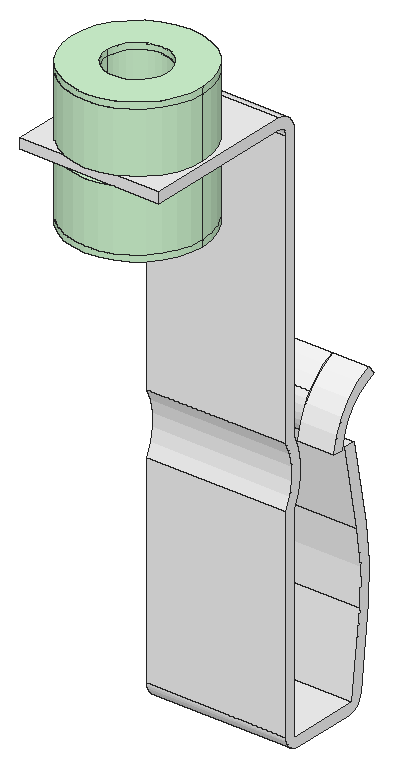
Revit family "KS防振ハンガー(直吊りタイプ)", category 機械設備, Revit 2020
Family settings
  丸型コネクタ寸法 = 直径を使用
  種別 = なし
  パーツ タイプ = 標準
  作業面ベース = いいえ
  常に垂直 = はい
  ロード時にボイドで切り取り = いいえ
  共有 = いいえ
  部屋計算ポイント = いいえ
Parameters
  製造元 = "株式会社桐井製作所"
  既定の高さ = 0 mm
  URL = "https://www.kirii.co.jp/"
  K_品名 = "KS防振ハンガー(直吊りタイプ)"
  K_名称 = "防振ハンガー"
  K_使用荷重(N) = "~98"
  K_バージョン情報 = "20211012"
Reference planes
  plane 1 "中心(正面/背面)": y = 0
  plane 2: z = 0
  plane 3 "中心(左/右)": x = 0
  plane 4: x = 11.5
  plane 5: x = -11.5
Forms (mm)
  Extrusion 1, solid
    sketch origin (0, -1.432, 0) x (0, 1, 0) y (0, 0, 1)
      loop
        line (-28, 93.32) -> (-28, 91.64) -> (-3.18, 91.64)
        arc (-3.18, 91.64) -> (-2.119, 91.201) -> (-1.68, 90.14) r 1.5
        line (-1.68, 90.14) -> (-1.68, 44.401)
        arc (-1.68, 44.401) -> (-0.36, 39.32) -> (-1.68, 34.239) r 10.438
        line (-1.68, 34.239) -> (-1.68, 0.82)
        arc (-1.68, 0.82) -> (-0.948, -0.948) -> (0.82, -1.68) r 2.5
        line (0.82, -1.68) -> (11.368, -1.68)
        arc (11.368, -1.68) -> (13.033, -1.045) -> (13.852, 0.537) r 2.5
        line (13.852, 0.537) -> (15.31, 13.345)
        arc (15.31, 13.345) -> (15.539, 19.366) -> (14.861, 25.354) r 40
        line (14.861, 25.354) -> (12.296, 38.822)
        arc (12.296, 38.822) -> (11.737, 40.973) -> (11.876, 43.192) r 7.037
        arc (11.876, 43.192) -> (13.962, 45.413) -> (16.585, 46.961) r 10.767
        line (16.585, 46.961) -> (15.5, 48.32)
        arc (15.5, 48.32) -> (12.972, 46.773) -> (10.882, 44.671) r 12.447
        arc (10.882, 44.671) -> (9.767, 41.624) -> (10.647, 38.5) r 5.275
        line (10.647, 38.5) -> (13.163, 25.29)
        arc (13.163, 25.29) -> (13.841, 19.303) -> (13.612, 13.281) r 40
        line (13.612, 13.281) -> (12.1, 0) -> (0.5, 0)
        arc (0.5, 0) -> (0.146, 0.146) -> (0, 0.5) r 0.5
        line (0, 0.5) -> (0, 33.82)
        arc (0, 33.82) -> (1.32, 39.32) -> (0, 44.82) r 12.118
        line (0, 44.82) -> (0, 90.32)
        arc (0, 90.32) -> (-0.879, 92.441) -> (-3, 93.32) r 3
        line (-3, 93.32) -> (-28, 93.32)
    from -11.5 to 11.5
  Extrusion 2, solid
    sketch origin (0, -1.432, 0) x (0, 1, 0) y (0, 0, 1)
      loop
        line (16.585, 46.961) -> (15.5, 48.32)
        arc (15.5, 48.32) -> (10.606, 44.304) -> (8.32, 38.4) r 12.447
        line (8.32, 38.4) -> (9.989, 38.212)
        arc (9.989, 38.212) -> (12.091, 43.488) -> (16.585, 46.961) r 10.767
    from -11.5 to 11.5
  Extrusion 3, void
    sketch origin (0, -1.432, 0) x (1, 0, 0) y (0, 1, 0)
      loop
        line (-11.5, 16.585) -> (-11.5, 7.685) -> (-5.5, 7.685) -> (-5.5, 16.585) -> (-11.5, 16.585)
      loop
        line (5.5, 17.012) -> (5.5, 7.685) -> (11.5, 7.685) -> (11.5, 17.012) -> (5.5, 17.012)
    from 38.5 to 49.8
  Extrusion 4, void
    sketch origin (0, -1.432, 0) x (1, 0, 0) y (0, 1, 0)
      loop
        line (-5.5, 17.016) -> (-5.5, 7.685) -> (5.5, 7.685) -> (5.5, 17.016) -> (-5.5, 17.016)
    from 37.944 to 48.771
  Extrusion 5, void
    sketch origin (0, 0, 0) x (1, 0, 0) y (0, 1, 0)
      loop
        circle (0, -19.432) r 5
    from 91.64 to 93.32
  Extrusion 6, solid
    sketch origin (0, 0, 0) x (1, 0, 0) y (0, 1, 0)
      loop
        circle (0, -19.432) r 5
      loop
        circle (0, -19.432) r 10.85
    from 93.32 to 103.32
  Extrusion 7, solid
    sketch origin (0, 0, -11.68) x (1, 0, 0) y (0, 1, 0)
      loop
        circle (0, -19.432) r 5
      loop
        circle (0, -19.432) r 10.85
    from 93.32 to 103.32
Cuts and joins
  Extrusion 3, Extrusion 5 cuts Extrusion 1
  Extrusion 4 cuts Extrusion 2
Dimensions and locks
  aligned and locked: level to plane 2
Nested families
  nested 1: "平ワッシャー(KS防振ハンガー)" at (0, -19.432, 81.64) x (1, 0, 0) z (0, -1, 0), type "平ワッシャー(KS防振ハンガー)"
  nested 2: "平ワッシャー(KS防振ハンガー)" at (0, -19.432, 104.32) x (1, 0, 0) z (0, -1, 0), type "平ワッシャー(KS防振ハンガー)"
Definition of nested family "平ワッシャー(KS防振ハンガー)"
  Parameters (values of type "平ワッシャー(KS防振ハンガー)")
    Manufacturer = "株式会社桐井製作所"
    Default Elevation = 0 mm
    URL = "https://www.kirii.co.jp/"
    K_名称 = "平ワッシャー(KS防振ハンガー)"
  Reference planes
    plane 1 "中心(正面/背面)": y = 0
    plane 2: z = 0
    plane 3 "中心(左/右)": x = 0
  Forms (mm)
    Extrusion 1, solid
      sketch origin (0, 0, 0) x (1, 0, 0) y (0, 0, 1)
        loop
          circle (0, 0) r 10.85
        loop
          circle (0, 0) r 5
      from 0 to 1
  Dimensions and locks
    aligned and locked: level to plane 2
